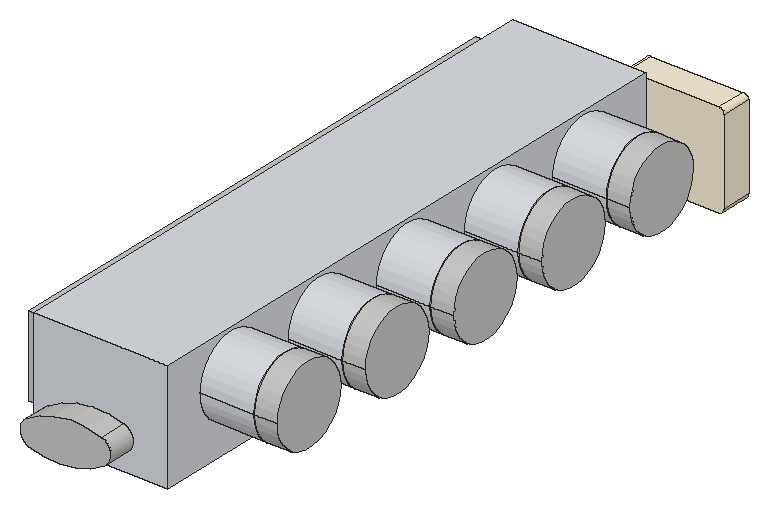
Revit family "HVAC_Ductwork_Airzone_Motorized-Plenum_Mitsubishi-Electric_Low-Profile_5-Dampers", category Mechanical Equipment, Revit 2016
Family settings
  Part Type = Normal
  Round Connector Dimension = Use Diameter
  OmniClass Number = 23.75.70.14
  OmniClass Title = Air Ductwork
  Work Plane-Based = No
  Always vertical = Yes
  Cut with Voids When Loaded = No
  Shared = No
  Room Calculation Point = No
Parameters (values of type "MELSL01L5")
  Voltage = 230 V
  URL = "www.airzone.es"
  Type Image Comments = "Image available in product documentation download"  # constant formula
  Revit Model Version = "1.0"  # constant formula
  Revit Model Author URL = "www.a3d.es"
  Revit Model Author = "A3D Consulting"  # constant formula
  Product Documentation Download URL = "http://doc.airzone.es/BIM/Easyzone/Mitsubishi_Electric-Airzone_motorized_plenum.zip"
  Product Comments = "Refer to technical documentation for further details"  # constant formula
  Power Factor = 1
  Neck Width = 1063.600 mm
  Neck Length = 40.000 mm
  Neck Height = 153.600 mm
  Material = Metal - AIRZONE - Galvanized Sheet - Semi-polished
  Main Control Board Material = Plastic - AIRZONE - Smooth - Off-white
  Load Classification = Other
  Insulated Body Width = 255.000 mm  # constant formula
  Insulated Body Material = Metal -AIRZONE - Insulating Lining -Aluminum Finish
  Insulated Body Length = 1140.000 mm  # constant formula
  Insulated Body Height = 210.000 mm  # constant formula
  Flow [instance] = Damper 5 Air Flow + Damper 4 Air Flow + Damper 3 Air Flow + Damper 2 Air Flow + Damper 1 Air Flow - Fresh Air Inlet 2 Flow - Fresh Air Inlet 1 Flow  # 1500 m³/h
  Fresh Air Inlet 1 Flow [instance] = 0 m³/h
  Fresh Air Inlet 2 Flow [instance] = 0 m³/h
  Fresh Air Inlet Connection Width = 175.000 mm
  Fresh Air Inlet Connection Height = 75.000 mm
  Model = "MEISL01L5"
  Neck Side Offset = 38.200 mm
  Neck Bottom Offset = 30.200 mm
  Type Image = <None>
  Manufacturer = "AIRZONE"  # constant formula
  Main Control Board Depth = 57.000 mm  # constant formula
  Main Control Board Width = 195.000 mm  # constant formula
  Main Control Board Height = 180.000 mm  # constant formula
  Fixing = ""
  Disclaimer = "All information provided in this model is reviewed before being published. However, Airzone cannot guarantee this model is error-free, therefore users are strongly encouraged to check for technical documentation and updates"  # constant formula
  Description = "Airzone low profile motorized plenum with neck that mechanically adapts to the main ducted AC units of Mitsubishi Electric."
  Type Comments = ""
  Dampers Length = 149.000 mm  # constant formula
  Dampers Diameter = 150.000 mm  # constant formula
  Damper 5 Air Flow [instance] = 300 m³/h
  Damper 4 Air Flow [instance] = 300 m³/h
  Damper 1 Air Flow [instance] = 300 m³/h
  Damper 2 Air Flow [instance] = 300 m³/h
  Damper 3 Air Flow [instance] = 300 m³/h
  Fresh Air Inlet Connection Offset Height = 48.305 mm  # constant formula
  Compatible Accesories = ""
  Apparent Load = 57.5 VA
Reference planes
  plane 1 "Center (Front/Back)": y = 0
  plane 2 "Center (Elevation)": z = 0
  plane 3 "Center (Left/Right)": x = 0
  plane 4 "Neck Back": y = 531.8
  plane 5 "Neck Front": y = -531.8
  plane 6 "Neck Top": z = 76.8
  plane 7 "Neck Bottom": z = -76.8
  plane 8 "Left": x = 40
  plane 9 "Bottom": z = -107
  plane 10 "Top": z = 103
  plane 11 "Front": y = -570
  plane 12 "Back": y = 570
  plane 13 "Right": x = 295
  plane 14 "Dampers Front": x = 444
  plane 15 "Dampers Center (Elevation)": z = 23
  plane 16 "Damper3": y = 0
  plane 17 "Damper2": y = 210
  plane 18 "Damper1": y = 420
  plane 19 "Middle": y = 0
  plane 20 "FreshAir Center (Elevation)": z = -58.695
  plane 21 "FreshAir1": y = 622.5
  plane 22 "FreshAir2": y = -622.5
  plane 23 "Dampers Lining": x = 399
  plane 24 "FreshAir Vertical Axis": x = 142.04
  plane 25 "ConnectionBox Side": x = 249
  plane 26 "Main Control Board Center (Left/Right)": x = 346.5
  plane 27 "Damper4": y = -210
  plane 28 "Damper5": y = -420
Forms (mm)
  Extrusion 1, solid, material "Metal - AIRZONE - Galvanized Sheet - Semi-polished" <- "Material"
    sketch origin (0, 0, 0) x (0, 1, 0) y (0, 0, 1)
      loop
        line (-531.8, 76.8) -> (-531.8, -76.8) -> (531.8, -76.8) -> (531.8, 76.8) -> (-531.8, 76.8)
    from 0 to 40
  Extrusion 2, solid, material "Metal -AIRZONE - Insulating Lining -Aluminum Finish" <- "Insulated Body Material"
    sketch origin (40, 0, 0) x (0, 1, 0) y (0, 0, 1)
      loop
        line (-570, 103) -> (-570, -107) -> (570, -107) -> (570, 103) -> (-570, 103)
    from 0 to 255
  Extrusion 3, solid, material "Metal - AIRZONE - Galvanized Sheet - Semi-polished" <- "Material"
    sketch origin (295, 0, 0) x (0, 1, 0) y (0, 0, 1)
      loop
        circle (0, 23) r 75
    from 104 to 149
  Extrusion 4, solid, material "Metal - AIRZONE - Galvanized Sheet - Semi-polished" <- "Material"
    sketch origin (295, 0, 0) x (0, 1, 0) y (0, 0, 1)
      loop
        circle (210, 23) r 75
    from 104 to 149
  Extrusion 5, solid, material "Metal - AIRZONE - Galvanized Sheet - Semi-polished" <- "Material"
    sketch origin (295, 0, 0) x (0, 1, 0) y (0, 0, 1)
      loop
        circle (420, 23) r 75
    from 104 to 149
  Extrusion 6, solid, material "Metal - AIRZONE - Galvanized Sheet - Semi-polished" <- "Material"
    sketch origin (0, -570, 0) x (0, 0, 1) y (1, 0, 0)
      loop
        arc (-26.141, 211.414) -> (-47.608, 228.315) -> (-72.312, 216.644) r 25.96
        arc (-72.312, 216.644) -> (-98.302, 146.808) -> (-90.849, 72.666) r 164.67
        arc (-90.849, 72.666) -> (-69.665, 55.799) -> (-44.994, 66.961) r 25.96
        arc (-44.994, 66.961) -> (-18.725, 136.99) -> (-26.141, 211.414) r 164.67
    from 0 to -52.5
  Extrusion 7, solid, material "Metal - AIRZONE - Galvanized Sheet - Semi-polished" <- "Material"
    sketch origin (0, 570, 0) x (0, 0, 1) y (1, 0, 0)
      loop
        arc (-26.141, 211.414) -> (-47.325, 228.281) -> (-71.996, 217.119) r 25.96
        arc (-71.996, 217.119) -> (-98.179, 147.74) -> (-91.267, 73.909) r 164.67
        arc (-91.267, 73.909) -> (-70.032, 55.847) -> (-44.678, 67.436) r 25.96
        arc (-44.678, 67.436) -> (-18.688, 137.272) -> (-26.141, 211.414) r 164.67
    from 0 to 52.5
  Extrusion 8, solid, material "Metal -AIRZONE - Insulating Lining -Aluminum Finish" <- "Insulated Body Material"
    sketch origin (295, 0, 0) x (0, 1, 0) y (0, 0, 1)
      loop
        circle (420, 23) r 75
    from 0 to 104
  Extrusion 9, solid, material "Metal -AIRZONE - Insulating Lining -Aluminum Finish" <- "Insulated Body Material"
    sketch origin (295, -260, 0) x (0, 1, 0) y (0, 0, 1)
      loop
        circle (470, 23) r 75
    from 0 to 104
  Extrusion 10, solid, material "Metal -AIRZONE - Insulating Lining -Aluminum Finish" <- "Insulated Body Material"
    sketch origin (295, -520, 0) x (0, 1, 0) y (0, 0, 1)
      loop
        circle (520, 23) r 75
    from 0 to 104
  Extrusion 11, solid, material "Metal - AIRZONE - Galvanized Sheet - Semi-polished" <- "Material"
    sketch origin (295, -190, 0) x (0, 1, 0) y (0, 0, 1)
      loop
        circle (-20, 23) r 75
    from 104 to 149
  Extrusion 12, solid, material "Metal -AIRZONE - Insulating Lining -Aluminum Finish" <- "Insulated Body Material"
    sketch origin (295, -710, 0) x (0, 1, 0) y (0, 0, 1)
      loop
        circle (500, 23) r 75
    from 0 to 104
  Extrusion 13, solid, material "Metal -AIRZONE - Insulating Lining -Aluminum Finish" <- "Insulated Body Material"
    sketch origin (295, -970, 0) x (0, 1, 0) y (0, 0, 1)
      loop
        circle (550, 23) r 75
    from 0 to 104
  Extrusion 14, solid, material "Metal - AIRZONE - Galvanized Sheet - Semi-polished" <- "Material"
    sketch origin (295, -450, 0) x (0, 1, 0) y (0, 0, 1)
      loop
        circle (30, 23) r 75
    from 104 to 149
Lines and regions (mm)
  Masking region 1
    outline origin (0, 0, 0) x (1, 0, 0) y (0, 1, 0)
      loop
        line (40, 570) -> (40, -570) -> (295, -570) -> (295, 570) -> (40, 570)
  Masking region 2, detail levels medium+fine
    outline origin (0, 0, 0) x (1, 0, 0) y (0, 1, 0)
      loop
        line (0, 531.8) -> (0, -531.8) -> (40, -531.8) -> (40, 531.8) -> (0, 531.8)
  Masking region 3, detail levels medium+fine
    outline origin (0, 0, 0) x (1, 0, 0) y (0, 1, 0)
      loop
        line (295, 75) -> (295, -75) -> (444, -75) -> (444, 75) -> (295, 75)
  Masking region 4, detail levels medium+fine
    outline origin (0, 260, 0) x (1, 0, 0) y (0, 1, 0)
      loop
        line (295, 25) -> (295, -125) -> (444, -125) -> (444, 25) -> (295, 25)
  Masking region 5, detail levels medium+fine
    outline origin (0, 520, 0) x (1, 0, 0) y (0, 1, 0)
      loop
        line (295, -25) -> (295, -175) -> (444, -175) -> (444, -25) -> (295, -25)
  Masking region 6, detail levels medium+fine
    outline origin (0, 0, -58.695) x (1, 0, 0) y (0, 1, 0)
      loop
        line (54.54, 622.5) -> (54.54, 570) -> (229.54, 570) -> (229.54, 622.5) -> (54.54, 622.5)
  Masking region 7, detail levels medium+fine
    outline origin (0, 0, -58.695) x (1, 0, 0) y (0, 1, 0)
      loop
        line (54.54, -570) -> (54.54, -622.5) -> (229.54, -622.5) -> (229.54, -570) -> (54.54, -570)
  Masking region 8, detail levels medium+fine
    outline origin (0, 0, 103) x (0, -1, 0) y (1, 0, 0)
      loop
        line (-627, 249) -> (-570, 249) -> (-570, 444) -> (-627, 444) -> (-627, 249)
  Masking region 9, detail levels medium+fine
    outline origin (0, -190, 0) x (1, 0, 0) y (0, 1, 0)
      loop
        line (295, 55) -> (295, -95) -> (444, -95) -> (444, 55) -> (295, 55)
  Masking region 10, detail levels medium+fine
    outline origin (0, -450, 0) x (1, 0, 0) y (0, 1, 0)
      loop
        line (295, 105) -> (295, -45) -> (444, -45) -> (444, 105) -> (295, 105)
  symbolic lines, detail levels coarse
    curve 1: line (40, -570, 0) -> (295, 0, 0)
    curve 2: line (295, 0, 0) -> (40, 570, 0)
Dimensions and locks
  equal spacing: plane 4 "Neck Back", plane 1 "Center (Front/Back)", plane 5 "Neck Front"
  "Neck Width": plane 4 "Neck Back" to plane 5 "Neck Front"
  equal spacing: plane 6 "Neck Top", level, plane 7 "Neck Bottom"
  "Neck Height": plane 6 "Neck Top" to plane 7 "Neck Bottom"
  "Neck Length": plane 3 "Center (Left/Right)" to plane 8 "Left"
  "Neck Bottom Offset": plane 7 "Neck Bottom" to plane 9 "Bottom"
  "Insulated Body Height": plane 10 "Top" to plane 9 "Bottom"
  "Insulated Body Length": plane 12 "Back" to plane 11 "Front"
  "Insulated Body Width": plane 8 "Left" to plane 13 "Right"
  "Dampers Length": plane 13 "Right" to plane 14 "Dampers Front"
  equal spacing: plane 12 "Back", plane 19 "Middle", plane 11 "Front"
  plane 8 "Left" to plane 13 "Right" = 255.000 mm
  "Fresh Air Inlet Connection Offset Height": plane 20 "FreshAir Center (Elevation)" to plane 9 "Bottom"
  locked: Extrusion 6 sketch curve to plane 9 "Bottom" at 56.47
  locked: Extrusion 6 sketch curve to plane 8 "Left" at 162.52
  locked: Extrusion 6 sketch curve to plane 8 "Left" at 41.56
  locked: Extrusion 6 sketch curve to plane 9 "Bottom" at 40.54
  locked: Extrusion 6 sketch curve to plane 8 "Left" at 118.3
  locked: plane 9 "Bottom" to Extrusion 6 sketch curve at 75.01
  locked: Extrusion 6 sketch curve to plane 8 "Left" at 85.78
  locked: Extrusion 6 sketch curve to plane 9 "Bottom" at 172.02
  locked: Extrusion 7 sketch curve to plane 8 "Left" at 162.52
  locked: Extrusion 7 sketch curve to plane 9 "Bottom" at 56.47
  locked: Extrusion 7 sketch curve to plane 9 "Bottom" at 40.54
  locked: Extrusion 7 sketch curve to plane 8 "Left" at 41.56
  locked: Extrusion 7 sketch curve to plane 8 "Left" at 85.78
  locked: Extrusion 7 sketch curve to plane 9 "Bottom" at 172.02
  locked: plane 9 "Bottom" to Extrusion 7 sketch curve at 75.01
  locked: Extrusion 7 sketch curve to plane 8 "Left" at 118.3
  "Neck Side Offset": plane 12 "Back" to plane 4 "Neck Back"
  locked: plane 21 "FreshAir1" to plane 12 "Back" at 52.5
  plane 11 "Front" to plane 22 "FreshAir2" = 52.500 mm
  locked: plane 24 "FreshAir Vertical Axis" to connector elem
  locked: plane 20 "FreshAir Center (Elevation)" to connector elem
  locked: connector elem to plane 24 "FreshAir Vertical Axis"
  locked: connector elem to plane 20 "FreshAir Center (Elevation)"
  locked: plane 23 "Dampers Lining" to plane 14 "Dampers Front" at 45
  locked: plane 8 "Left" to plane 24 "FreshAir Vertical Axis" at 102.04
  equal spacing: Masking region 3 sketch curve, plane 16 "Damper3", Masking region 3 sketch curve
  "Dampers Diameter": Masking region 3 sketch curve to Masking region 3 sketch curve
  "Dampers Diameter": Masking region 4 sketch curve to Masking region 4 sketch curve
  equal spacing: Masking region 5 sketch curve, plane 18 "Damper1", Masking region 5 sketch curve
  "Dampers Diameter": Masking region 5 sketch curve to Masking region 5 sketch curve
  equal spacing: Masking region 6 sketch curve, plane 24 "FreshAir Vertical Axis", Masking region 6 sketch curve
  "Fresh Air Inlet Connection Width": Masking region 6 sketch curve to Masking region 6 sketch curve
  equal spacing: Masking region 7 sketch curve, plane 24 "FreshAir Vertical Axis", Masking region 7 sketch curve
  "Fresh Air Inlet Connection Width": Masking region 7 sketch curve to Masking region 7 sketch curve
  "Main Control Board Depth": Masking region 8 sketch curve to plane 12 "Back"
  "Main Control Board Width": plane 25 "ConnectionBox Side" to plane 14 "Dampers Front"
  equal spacing: plane 25 "ConnectionBox Side", plane 26 "Main Control Board Center (Left/Right)", plane 14 "Dampers Front"
  locked: nested 1 to plane 10 "Top" at 10
  equal spacing: Masking region 4 sketch curve, plane 17 "Damper2", Masking region 4 sketch curve
  equal spacing: Masking region 9 sketch curve, plane 27 "Damper4", Masking region 9 sketch curve
  "Dampers Diameter": Masking region 9 sketch curve to Masking region 9 sketch curve
  plane 18 "Damper1" to plane 17 "Damper2" to plane 16 "Damper3" to plane 27 "Damper4" to plane 28 "Damper5" = 210.000 mm locked, 210.000 mm locked, 210.000 mm locked, 210.000 mm locked
  locked: plane 19 "Middle" to plane 16 "Damper3"
  equal spacing: Masking region 10 sketch curve, plane 28 "Damper5", Masking region 10 sketch curve
  "Dampers Diameter": Masking region 10 sketch curve to Masking region 10 sketch curve
  locked: plane 10 "Top" to plane 15 "Dampers Center (Elevation)" at 80
  "Dampers Diameter": diameter of Extrusion 3 sketch curve
  "Dampers Diameter": diameter of Extrusion 4 sketch curve
  "Dampers Diameter": diameter of Extrusion 5 sketch curve
  radius of Extrusion 7 sketch curve = 164.670 mm  (x2)
  radius of Extrusion 7 sketch curve = 25.960 mm  (x2)
  radius of Extrusion 6 sketch curve = 164.670 mm  (x2)
  radius of Extrusion 6 sketch curve = 25.960 mm  (x2)
  "Dampers Diameter": diameter of Extrusion 8 sketch curve
  "Dampers Diameter": diameter of Extrusion 9 sketch curve
  "Dampers Diameter": diameter of Extrusion 10 sketch curve
  "Dampers Diameter": diameter of Extrusion 11 sketch curve
  "Dampers Diameter": diameter of Extrusion 12 sketch curve
  "Dampers Diameter": diameter of Extrusion 13 sketch curve
  "Dampers Diameter": diameter of Extrusion 14 sketch curve
  aligned and locked: level to plane 2 "Center (Elevation)"
  aligned and locked: plane 5 "Neck Front" to Extrusion 1 sketch curve
  aligned and locked: Extrusion 1 sketch curve to plane 6 "Neck Top"
  aligned and locked: Extrusion 1 sketch curve to plane 4 "Neck Back"
  aligned and locked: plane 7 "Neck Bottom" to Extrusion 1 sketch curve
  aligned and locked: Extrusion 1 to plane 3 "Center (Left/Right)"
  aligned and locked: Extrusion 2 sketch curve to plane 10 "Top"
  aligned and locked: Extrusion 2 sketch curve to plane 12 "Back"
  aligned and locked: plane 9 "Bottom" to Extrusion 2 sketch curve
  aligned and locked: plane 11 "Front" to Extrusion 2 sketch curve
  aligned and locked: plane 13 "Right" to Extrusion 2
  aligned and locked: Extrusion 2 to plane 8 "Left"
  aligned and locked: plane 16 "Damper3" to Extrusion 3 sketch curve
  aligned and locked: plane 15 "Dampers Center (Elevation)" to Extrusion 3 sketch curve
  aligned and locked: plane 15 "Dampers Center (Elevation)" to Extrusion 4 sketch curve
  aligned and locked: plane 18 "Damper1" to Extrusion 5 sketch curve
  aligned and locked: plane 15 "Dampers Center (Elevation)" to Extrusion 5 sketch curve
  aligned and locked: plane 14 "Dampers Front" to Extrusion 5
  aligned and locked: plane 14 "Dampers Front" to Extrusion 4
  aligned and locked: plane 14 "Dampers Front" to Extrusion 3
  aligned and locked: plane 8 "Left" to Extrusion 1
  aligned and locked: plane 22 "FreshAir2" to Extrusion 6
  aligned and locked: plane 21 "FreshAir1" to Extrusion 7
  aligned and locked: Extrusion 7 to plane 12 "Back"
  aligned and locked: plane 11 "Front" to Extrusion 6
  aligned and locked: Extrusion 5 to plane 23 "Dampers Lining"
  aligned and locked: Extrusion 5 to Extrusion 4
  aligned and locked: Extrusion 4 to Extrusion 3
  aligned and locked: plane 23 "Dampers Lining" to Extrusion 8
  aligned and locked: Extrusion 10 to plane 13 "Right"
  aligned and locked: plane 23 "Dampers Lining" to Extrusion 10
  aligned and locked: Extrusion 9 to plane 13 "Right"
  aligned and locked: plane 23 "Dampers Lining" to Extrusion 9
  aligned and locked: Extrusion 8 to plane 13 "Right"
  aligned and locked: Extrusion 9 to Extrusion 8
  aligned and locked: plane 18 "Damper1" to Extrusion 8 sketch curve
  aligned and locked: plane 15 "Dampers Center (Elevation)" to Extrusion 8 sketch curve
  aligned and locked: plane 15 "Dampers Center (Elevation)" to Extrusion 9 sketch curve
  aligned and locked: plane 16 "Damper3" to Extrusion 10 sketch curve
  aligned and locked: plane 15 "Dampers Center (Elevation)" to Extrusion 10 sketch curve
  aligned and locked: Masking region 1 sketch curve to plane 12 "Back"
  aligned and locked: plane 8 "Left" to Masking region 1 sketch curve
  aligned and locked: Masking region 1 sketch curve to plane 13 "Right"
  aligned and locked: plane 11 "Front" to Masking region 1 sketch curve
  aligned and locked: plane 5 "Neck Front" to Masking region 2 sketch curve
  aligned and locked: plane 3 "Center (Left/Right)" to Masking region 2 sketch curve
  aligned and locked: Masking region 2 sketch curve to plane 4 "Neck Back"
  aligned and locked: Masking region 2 sketch curve to plane 8 "Left"
  aligned and locked: plane 13 "Right" to Masking region 3 sketch curve
  aligned and locked: Masking region 3 sketch curve to plane 14 "Dampers Front"
  aligned and locked: plane 13 "Right" to Masking region 4 sketch curve
  aligned and locked: Masking region 4 sketch curve to plane 14 "Dampers Front"
  aligned and locked: plane 13 "Right" to Masking region 5 sketch curve
  aligned and locked: Masking region 5 sketch curve to plane 14 "Dampers Front"
  aligned and locked: plane 12 "Back" to Masking region 6 sketch curve
  aligned and locked: Masking region 6 sketch curve to plane 21 "FreshAir1"
  aligned and locked: Masking region 7 sketch curve to plane 11 "Front"
  aligned and locked: Masking region 7 sketch curve to plane 22 "FreshAir2"
  aligned and locked: plane 12 "Back" to Masking region 8 sketch curve
  aligned and locked: Masking region 8 sketch curve to plane 14 "Dampers Front"
  aligned and locked: plane 25 "ConnectionBox Side" to Masking region 8 sketch curve
  aligned and locked: plane 17 "Damper2" to Extrusion 9 sketch curve
  aligned and locked: plane 17 "Damper2" to Extrusion 4 sketch curve
  aligned and locked: Masking region 9 sketch curve to plane 14 "Dampers Front"
  aligned and locked: plane 13 "Right" to Masking region 9 sketch curve
  aligned and locked: Extrusion 12 to plane 13 "Right"
  aligned and locked: plane 23 "Dampers Lining" to Extrusion 12
  aligned and locked: Extrusion 11 to plane 23 "Dampers Lining"
  aligned and locked: plane 14 "Dampers Front" to Extrusion 11
  aligned and locked: plane 15 "Dampers Center (Elevation)" to Extrusion 12 sketch curve
  aligned and locked: plane 27 "Damper4" to Extrusion 12 sketch curve
  aligned and locked: plane 15 "Dampers Center (Elevation)" to Extrusion 11 sketch curve
  aligned and locked: plane 27 "Damper4" to Extrusion 11 sketch curve
  aligned and locked: Masking region 10 sketch curve to plane 14 "Dampers Front"
  aligned and locked: plane 13 "Right" to Masking region 10 sketch curve
  aligned and locked: plane 28 "Damper5" to Extrusion 13 sketch curve
  aligned and locked: plane 15 "Dampers Center (Elevation)" to Extrusion 13 sketch curve
  aligned and locked: Extrusion 14 to plane 23 "Dampers Lining"
  aligned and locked: plane 14 "Dampers Front" to Extrusion 14
  aligned and locked: plane 15 "Dampers Center (Elevation)" to Extrusion 14 sketch curve
  aligned and locked: plane 28 "Damper5" to Extrusion 14 sketch curve
  aligned and locked: nested 1 to plane 26 "Main Control Board Center (Left/Right)"
Automatic sketch dimensions
  curve 2 to plane 8 "Left" = 0.000 mm
  curve 1 to plane 8 "Left" = 0.000 mm
  curve 2 to plane 13 "Right" = 0.000 mm
  curve 1 to plane 11 "Front" = 0.000 mm
  curve 2 to plane 16 "Damper3" = 0.000 mm
  curve 2 to plane 12 "Back" = 0.000 mm
Nested families
  nested 1: "Airzone_Main-Control-Board" at (346.5, 570, 3) x (-1, 0, 0) z (0, 1, 0), Extrusion <- "Main Control Board Depth", Height <- "Main Control Board Height", Width <- "Main Control Board Width", Material <- "Main Control Board Material", type "Standard"
    with Width 195.000 mm, Material Plastic - AIRZONE - Smooth - Off-white, Height 180.000 mm, Extrusion 57.000 mm
Connectors
  hvac at (444, 0, 23), driven by "Damper 3 Air Flow", driven by "Dampers Diameter"
    settings: on Extrusion 3, index 1, duct flow 300 m³/h, flow factor 0, pres drop 0.0 Pa, loss coef 0, conn angle 0.00°, conn width 304.8 mm, conn height 304.8 mm, conn diameter 150 mm, duct sys type 1, conn prof type 0, flow config 0, flow direction 2, loss method 0, conn ref index -1, conn util no, is conn primary no, conn desc "Supply Air Out 3"
  hvac at (444, 210, 23), driven by "Damper 2 Air Flow", driven by "Dampers Diameter"
    settings: on Extrusion 4, index 2, duct flow 300 m³/h, flow factor 0, pres drop 0.0 Pa, loss coef 0, conn angle 0.00°, conn width 304.8 mm, conn height 304.8 mm, conn diameter 150 mm, duct sys type 1, conn prof type 0, flow config 0, flow direction 2, loss method 0, conn ref index -1, conn util no, is conn primary no, conn desc "Supply Air Out 2"
  hvac at (444, 420, 23), driven by "Damper 1 Air Flow", driven by "Dampers Diameter"
    settings: on Extrusion 5, index 3, duct flow 300 m³/h, flow factor 0, pres drop 0.0 Pa, loss coef 0, conn angle 0.00°, conn width 304.8 mm, conn height 304.8 mm, conn diameter 150 mm, duct sys type 1, conn prof type 0, flow config 0, flow direction 2, loss method 0, conn ref index -1, conn util no, is conn primary no, conn desc "Supply Air Out 1"
  hvac at (0, 0, 0), driven by "Flow", driven by "Neck Height", driven by "Neck Width"
    settings: on Extrusion 1, index 6, duct flow 1500 m³/h, flow factor 0, pres drop 0.0 Pa, loss coef 0, conn angle 0.00°, conn width 1063.6 mm, conn height 153.6 mm, conn diameter 609.6 mm, duct sys type 1, conn prof type 1, flow config 1, flow direction 1, loss method 0, conn ref index -1, conn util no, is conn primary yes, conn desc "Supply Air In"
  hvac at (142.04, -622.5, -58.695), driven by "Fresh Air Inlet 2 Flow", driven by "Fresh Air Inlet Connection Width", driven by "Fresh Air Inlet Connection Height"
    settings: index 7, duct flow 0 m³/h, flow factor 0, pres drop 0.0 Pa, loss coef 0, conn angle 0.00°, conn width 175 mm, conn height 75 mm, conn diameter 609.6 mm, duct sys type 1, conn prof type 2, flow config 1, flow direction 1, loss method 0, conn ref index -1, conn util no, is conn primary no, conn desc "Fresh Air In 2"
  hvac at (142.04, 622.5, -58.695), driven by "Fresh Air Inlet 1 Flow", driven by "Fresh Air Inlet Connection Height", driven by "Fresh Air Inlet Connection Width"
    settings: index 8, duct flow 0 m³/h, flow factor 0, pres drop 0.0 Pa, loss coef 0, conn angle 0.00°, conn width 175 mm, conn height 75 mm, conn diameter 609.6 mm, duct sys type 1, conn prof type 2, flow config 1, flow direction 1, loss method 0, conn ref index -1, conn util no, is conn primary no, conn desc "Fresh Air In 1"
  hvac at (444, -210, 23), driven by "Damper 4 Air Flow", driven by "Dampers Diameter"
    settings: on Extrusion 11, index 9, duct flow 300 m³/h, flow factor 0, pres drop 0.0 Pa, loss coef 0, conn angle 0.00°, conn width 304.8 mm, conn height 304.8 mm, conn diameter 150 mm, duct sys type 1, conn prof type 0, flow config 0, flow direction 2, loss method 0, conn ref index -1, conn util no, is conn primary no, conn desc "Supply Air Out 4"
  hvac at (444, -420, 23), driven by "Damper 5 Air Flow", driven by "Dampers Diameter"
    settings: on Extrusion 14, index 10, duct flow 300 m³/h, flow factor 0, pres drop 0.0 Pa, loss coef 0, conn angle 0.00°, conn width 304.8 mm, conn height 304.8 mm, conn diameter 150 mm, duct sys type 1, conn prof type 0, flow config 0, flow direction 2, loss method 0, conn ref index -1, conn util no, is conn primary no, conn desc "Supply Air Out 5"
  electrical at (346.5, 627, 3), driven by "Load Classification", driven by "Voltage", driven by "Apparent Load", driven by "Power Factor"
    settings: on nested 1, index 11, voltage 230 V, apparent load 57.5 VA, apparent load phase1 0 VA, apparent load phase2 0 VA, apparent load phase3 0 VA, power factor 1, load classification "Other", number of poles 1, system type 30, power factor state 1, is connector primary yes, connector utility no, sub classification motor no, connector description "Power Supply"
Definition of nested family "Airzone_Main-Control-Board"
  Parameters (values of type "Standard")
    Width [instance] = 195.000 mm
    URL = "www.airzone.es"
    Revit Model Version = "1.0"  # constant formula
    Revit Model Author URL = "www.a3d.es"
    Revit Model Author = "A3D Consulting"  # constant formula
    Material [instance] = none
    Manufacturer = "AIRZONE"  # constant formula
    Height [instance] = 180.000 mm
    Extrusion [instance] = 57.000 mm
    Default Elevation = 0.000 mm
  Reference planes
    plane 1 "Center (Front/Back)": y = 0
    plane 2: z = 0
    plane 3 "Center (Left/Right)": x = 0
    plane 4: y = 90
    plane 5: y = -90
    plane 6: x = 97.5
    plane 7: x = -97.5
  Forms (mm)
    Extrusion 1, solid, material <- "Material"
      sketch origin (0, 0, 0) x (1, 0, 0) y (0, 1, 0)
        loop
          arc (-87.5, 90) -> (-94.571, 87.071) -> (-97.5, 80) r 10
          line (-97.5, 80) -> (-97.5, -80)
          arc (-97.5, -80) -> (-94.571, -87.071) -> (-87.5, -90) r 10
          line (-87.5, -90) -> (87.5, -90)
          arc (87.5, -90) -> (94.571, -87.071) -> (97.5, -80) r 10
          line (97.5, -80) -> (97.5, 80)
          arc (97.5, 80) -> (94.571, 87.071) -> (87.5, 90) r 10
          line (87.5, 90) -> (-87.5, 90)
      from 0 to 57 <- "Extrusion"
  Dimensions and locks
    equal spacing: plane 7, plane 3 "Center (Left/Right)", plane 6
    equal spacing: plane 4, plane 1 "Center (Front/Back)", plane 5
    "Width": plane 7 to plane 6
    "Height": plane 4 to plane 5
    radius of Extrusion 1 sketch curve = 10.000 mm  (x4)
    aligned and locked: level to plane 2
    aligned and locked: plane 5 to Extrusion 1 sketch curve
    aligned and locked: Extrusion 1 sketch curve to plane 6
    aligned and locked: Extrusion 1 sketch curve to plane 4
    aligned and locked: plane 7 to Extrusion 1 sketch curve
